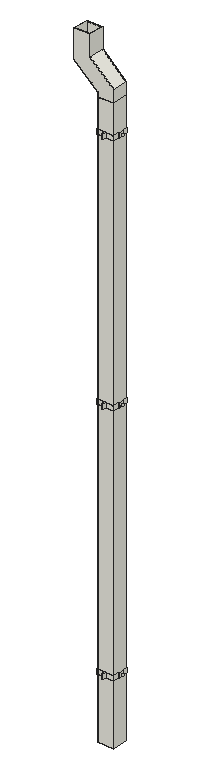
Revit family "NLRS_52_GM_HWA_vierkant_MR", category Generic Models, Revit 2017
Family settings
  Can host rebar = No
  Round Connector Dimension = Use Diameter
  Part Type = Normal
  Work Plane-Based = No
  Always vertical = Yes
  Cut with Voids When Loaded = No
  Shared = No
  Room Calculation Point = No
Parameters (values of type "HWA 80")
  set_vergaarbak_L [instance] = if(HWA_recht, 0 mm, NLRS_C_afstand)  # 150 mm
  a4 [instance] = tan(NLRS_C_hoek) * a3  # 135.061 mm
  a3 [instance] = NLRS_C_afstand  # 150 mm
  a2 = 50 mm  # constant formula
  URL = "https://www.meilofriks.nl/hemelwaterafvoeren/hwa-vierkant-80100/"
  Type Comments = "HWA"  # constant formula
  NLRS_C_hoogte_onder [instance] = 400 mm
  NLRS_C_hoogte_maximum [instance] = 4000 mm
  NLRS_C_hoogte_boven [instance] = 150 mm
  NLRS_C_hoogte_04 [instance] = NLRS_C_hoogte_03 / (NLRS_C_aantal - 1)  # 1532.47 mm
  NLRS_C_hoogte_03 [instance] = NLRS_C_hoogte_01 - 200 mm - NLRS_C_hoogte_onder  # 3064.939 mm
  NLRS_C_hoogte_01 [instance] = if(HWA_recht, NLRS_C_hoogte_maximum, NLRS_C_hoogte_maximum - a4 - a2 - NLRS_C_hoogte_boven)  # 3664.939 mm
  NLRS_C_hoek = 42.00°  # constant formula
  NLRS_C_diameter = 100 mm
  NLRS_C_afstand [instance] = 150 mm
  NLRS_C_aantal [instance] = if(NLRS_C_hoogte_03 > 1600 mm, NLRS_C_hoogte_01 / 1500 mm + 1, 2)  # 3
  NLRS_C_Materiaal = RAL 9010
  Model = ""
  Manufacturer = "Meilof Riks bv"  # constant formula
  Inmetselbeugel [instance] = no
  HWA_verzet [instance] = not(HWA_recht)  # yes
  set_vergaarbak [instance] = HWA_Vergaarbak_Vierkant  # no
  HWA_recht [instance] = no
  HWA_Vergaarbak_Vierkant [instance] = no
  Description = "Hemelwater afvoer"  # constant formula
Types (2, lengths in mm): name | set_vergaarbak_L | a4 | a3 | URL | NLRS_C_hoogte_maximum | NLRS_C_hoogte_boven | NLRS_C_hoogte_04 | NLRS_C_hoogte_03 | NLRS_C_hoogte_01 | NLRS_C_afstand | NLRS_C_aantal | NLRS_C_Materiaal | Model | Inmetselbeugel
  HWA 80 | 150 | 135.061 | 150 | "https://www.meilofriks.nl/hemelwaterafvoeren/hwa-vierkant-80100/" | 4000 | 150 | 1532.47 | 3064.939 | 3664.939 | 150 | 3 | RAL 9010 | "" | no
  HWA 100 | 80 | 72.032 | 80 | 0 | 2000 | 50 | 1227.968 | 1227.968 | 1827.968 | 80 | 2 | RAL 7016 | "HWA 100" | yes
Reference planes
  plane 1 "Center (Front/Back)": y = 0
  plane 2: z = 0
  plane 3 "Center (Left/Right)": x = 0
  plane 4: x = -150
  plane 5: z = 3850
  plane 6: z = 3714.939
  plane 7: z = 4000
  plane 8: z = 400
  plane 9: z = 3464.939
  plane 10: z = 3664.939
  plane 11: z = 4000
  plane 12: x = -150
Forms (mm)
  Sweep 1, solid, material "RAL 9010" <- "NLRS_C_Materiaal", visible <- "HWA_verzet"
    path origin (0, 0, 0) x (1, 0, 0) y (0, 0, 1)
      loop
        line (-150, 4000) -> (-150, 3850) -> (0, 3714.939) -> (0, 3664.939)
    profile "HWA_profile : HWA" origin (0, 0, 3689.939) x (1, 0, 0) y (0, -1, 0)
      loop
        line (-48, 48) -> (-48, -48) -> (48, -48) -> (48, 48) -> (-48, 48)
      loop
        line (-50, 50) -> (-50, -50) -> (50, -50) -> (50, 50) -> (-50, 50)
  Sweep 2, solid, material "RAL 9010" <- "NLRS_C_Materiaal"
    path origin (0, 0, 0) x (1, 0, 0) y (0, 0, 1)
      loop
        line (0, 0) -> (0, 3664.939)
    profile "HWA_profile : HWA" origin (0, 0, 1832.47) x (-1, 0, 0) y (0, -1, 0)
      loop
        line (-48, 48) -> (-48, -48) -> (48, -48) -> (48, 48) -> (-48, 48)
      loop
        line (-50, 50) -> (-50, -50) -> (50, -50) -> (50, 50) -> (-50, 50)
Dimensions and locks
  "a3": plane 3 "Center (Left/Right)" to plane 4
  "NLRS_C_hoogte_01": plane 10 to level
  "NLRS_C_hoogte_maximum": plane 7 to level
  "NLRS_C_hoogte_onder": plane 8 to level
  equal spacing: group 1, group 2, group 3  (x3)
  "NLRS_C_hoogte_03": plane 9 to plane 8
  "NLRS_C_hoogte_04": nested 3 to plane 8
  "a4": plane 5 to plane 6
  "a2": plane 6 to plane 10
  "NLRS_C_hoogte_boven": plane 11 to plane 5
  "set_vergaarbak_L": plane 3 "Center (Left/Right)" to plane 12
  aligned and locked: level to plane 2
  aligned and locked: plane 6 to Sweep 1 sketch curve
  aligned and locked: Sweep 1 sketch curve to plane 3 "Center (Left/Right)"
  aligned and locked: plane 1 "Center (Front/Back)" to nested 1
  aligned and locked: plane 8 to nested 2
  aligned and locked: plane 3 "Center (Left/Right)" to nested 2
  aligned and locked: nested 2 to plane 1 "Center (Front/Back)"
  aligned and locked: plane 5 to Sweep 1 sketch curve
  aligned and locked: plane 4 to Sweep 1 sketch curve
  aligned and locked: plane 2 to Sweep 2 sketch curve
  aligned and locked: plane 10 to Sweep 2 sketch curve
  aligned and locked: plane 3 "Center (Left/Right)" to Sweep 2 sketch curve
  aligned and locked: plane 11 to Sweep 1 sketch curve
  aligned and locked: plane 10 to Sweep 1 sketch curve
  aligned and locked: plane 12 to nested 1
  aligned and locked: nested 1 to plane 7
Nested families
  nested 1: "Vergaarbak_Vierkant" at (-70.5, 0, 4000) x (0, 1, 0) z (0, 0, 1), visible <- "set_vergaarbak", type "Vergaarbak"
  nested 2: "HWA_beugel" at (0, 0, 400) x (0, -1, 0) z (0, 0, 1), type "Beugel"
  nested 3: "HWA_beugel" at (0, 0, 1932.47) x (0, -1, 0) z (0, 0, 1), type "Beugel"
  nested 4: "HWA_beugel" at (0, 0, 3464.939) x (0, -1, 0) z (0, 0, 1), type "Beugel"
Definition of nested family "Vergaarbak_Vierkant"
  Parameters (values of type "Vergaarbak")
    a2 = HWA_Diameter - 9 mm  # 91 mm
    NLRS_C_Materiaal = none
    HWA_Diameter = 100 mm
    A1 = HWA_Diameter - 5 mm  # 95 mm
  Reference planes
    plane 1 "Center (Front/Back)": y = 0
    plane 2: z = 0
    plane 3 "Center (Left/Right)": x = 0
    plane 4: y = 79.5
  Forms (mm)
    Extrusion 1, solid, material <- "NLRS_C_Materiaal"
      sketch origin (0, 0, 0) x (1, 0, 0) y (0, 1, 0)
        loop
          circle (0, 79.5) r 47.5
        loop
          circle (0, 79.5) r 45.5
      from -80 to 0
    SweptBlend 2, solid, material <- "NLRS_C_Materiaal"
      path origin (0, 0, 0) x (0, 1, 0) y (0, 0, 1)
        loop
          line (79.5, 0) -> (79.5, 195)
      profile origin (0, 79.5, 0) x (0, -1, 0) y (1, 0, 0)
        loop
          line (79.5, -70.5) -> (79.5, 70.5) -> (-60.5, 70.5) -> (-60.5, -70.5) -> (79.5, -70.5)
      end profile origin (0, 79.5, 195) x (0, -1, 0) y (1, 0, 0)
        loop
          line (79.5, -108) -> (79.5, 108) -> (-98.5, 108) -> (-98.5, -108) -> (79.5, -108)
    SweptBlend 3, void
      path origin (0, 0, 0) x (0, 1, 0) y (0, 0, 1)
        loop
          line (79.5, 2) -> (79.5, 195)
      profile origin (0, 79.5, 2) x (0, -1, 0) y (1, 0, 0)
        loop
          line (-58.5, -69) -> (77.5, -69) -> (77.5, 69) -> (-58.5, 69) -> (-58.5, -69)
      end profile origin (0, 79.5, 195) x (0, -1, 0) y (1, 0, 0)
        loop
          line (77.5, -106) -> (77.5, 106) -> (-96.5, 106) -> (-96.5, -106) -> (77.5, -106)
    Extrusion 4, void
      sketch origin (0, 0, 0) x (1, 0, 0) y (0, 1, 0)
        loop
          circle (0, 79.5) r 45.5
      from 0 to 250
    Extrusion 5, void
      sketch origin (0, 0, 0) x (1, 0, 0) y (0, 0, 1)
        loop
          line (45, 195) -> (-45, 195) -> (-45, 125) -> (45, 125) -> (45, 195)
      from -32 to 81.471
  Cuts and joins
    SweptBlend 3, Extrusion 4, Extrusion 5 cuts SweptBlend 2
  Dimensions and locks
    plane 1 "Center (Front/Back)" to plane 4 = 79.5 mm
    SweptBlend 2 sketch curve to plane 3 "Center (Left/Right)" = 70.5 mm
    plane 3 "Center (Left/Right)" to SweptBlend 2 sketch curve = 70.5 mm
    plane 1 "Center (Front/Back)" to Extrusion 1 = 32 mm
    SweptBlend 2 sketch curve to SweptBlend 2 sketch curve = 140 mm
    plane 1 "Center (Front/Back)" to SweptBlend 2 sketch curve = 178 mm
    SweptBlend 2 sketch curve to plane 3 "Center (Left/Right)" to SweptBlend 2 sketch curve = 108 mm, 108 mm
    SweptBlend 3 sketch curve to plane 2 = 2 mm
    plane 1 "Center (Front/Back)" to SweptBlend 3 sketch curve = 2 mm  (x2)
    SweptBlend 3 sketch curve to SweptBlend 3 sketch curve = 136 mm
    SweptBlend 3 sketch curve to plane 3 "Center (Left/Right)" to SweptBlend 3 sketch curve = 69 mm, 69 mm
    SweptBlend 3 sketch curve to SweptBlend 3 sketch curve = 174 mm
    SweptBlend 3 sketch curve to plane 3 "Center (Left/Right)" to SweptBlend 3 sketch curve = 106 mm, 106 mm
    "A1": diameter of Extrusion 1 sketch curve
    "a2": diameter of Extrusion 1 sketch curve
    "a2": diameter of Extrusion 4 sketch curve
    aligned and locked: level to plane 2
    aligned and locked: SweptBlend 2 sketch curve to plane 1 "Center (Front/Back)"  (x2)
    aligned and locked: SweptBlend 3 sketch curve to plane 4
    aligned and locked: cut or joined group of SweptBlend 2, SweptBlend 3, Extrusion 4, Extrusion 5 to SweptBlend 3 sketch curve
  Automatic sketch dimensions
    SweptBlend 2 sketch curve to plane 4 = 0 mm
    SweptBlend 2 sketch curve to level = 0 mm
    level to SweptBlend 2 sketch curve = 195 mm
    Extrusion 5 sketch curve to plane 3 "Center (Left/Right)" = 45 mm
    plane 3 "Center (Left/Right)" to Extrusion 5 sketch curve = 45 mm
    Extrusion 5 sketch curve to Extrusion 5 sketch curve = 70 mm
    level to Extrusion 5 sketch curve = 125 mm
    Extrusion 1 sketch curve to Extrusion 1 sketch curve = 0 mm  (x2)
    Extrusion 1 sketch curve to plane 3 "Center (Left/Right)" = 0 mm
    plane 4 to Extrusion 1 sketch curve = 0 mm
    Extrusion 4 sketch curve to plane 3 "Center (Left/Right)" = 0 mm
    plane 4 to Extrusion 4 sketch curve = 0 mm
Definition of nested family "HWA_beugel"
  Parameters (values of type "Beugel")
    a1 = NLRS_C_diameter / 2  # 50 mm
    a = 23.878 mm
    Rand_inmetsel = 11 mm
    NLRS_C_materiaal2 = none
    NLRS_C_materiaal = none
    NLRS_C_diameter_03 = NLRS_C_diameter + 2 mm  # 102 mm
    NLRS_C_diameter = 100 mm
    Inmetselbeugel = no
    HWA_beugel = not(Inmetselbeugel)  # yes
    B1 = NLRS_C_diameter * 0.35  # 35 mm
  Reference planes
    plane 1 "Center (Front/Back)": y = 0
    plane 2: z = 0
    plane 3 "Center (Left/Right)": x = 0
    plane 4: y = 50
    plane 5: x = -76
    plane 6: x = 76
    plane 7: x = -51
    plane 8: x = 51
    plane 9: y = -2
    plane 10: y = 2
    plane 11: y = -50
    plane 12: y = 70
    plane 13: x = -11.939
    plane 14: x = 11.939
    plane 15: x = -20.439
    plane 16: x = 20.439
    plane 17: x = -111
    plane 18: x = 111
    plane 19: x = -55
    plane 20: x = 55
    plane 21: y = -15
  Forms (mm)
    Sweep 1, solid, material <- "NLRS_C_materiaal", visible <- "HWA_beugel"
      path origin (0, 0, 0) x (1, 0, 0) y (0, 1, 0)
        loop
          line (-76, 2) -> (-51, 2) -> (-51, 50) -> (-20.439, 50) -> (-11.939, 58.5) -> (11.939, 58.5) -> (20.439, 50) -> (51, 50) -> (51, 2) -> (76, 2)
      profile origin (-63.5, 2, 0) x (0, 1, 0) y (0, 0, 1)
        loop
          line (2, 14) -> (0, 14) -> (0, -14) -> (2, -14) -> (2, 14)
    Extrusion 2, void
      sketch origin (0, 0, 0) x (1, 0, 0) y (0, 0, 1)
        loop
          line (-51, -14) -> (-70, -14)
          arc (-70, -14) -> (-74.243, -12.243) -> (-76, -8) r 6
          line (-76, -8) -> (-76, 8)
          arc (-76, 8) -> (-74.243, 12.243) -> (-70, 14) r 6
          line (-70, 14) -> (-51, 14) -> (-51, 24) -> (-86, 24) -> (-86, -24) -> (-51, -24) -> (-51, -14)
      from -50 to 50
    Sweep 3, solid, material <- "NLRS_C_materiaal", visible <- "HWA_beugel"
      path origin (0, -4, 0) x (1, 0, 0) y (0, -1, 0)
        loop
          line (-76, -2) -> (-51, -2) -> (-51, 46) -> (51, 46) -> (51, -2) -> (76, -2)
      profile origin (-63.5, -2, 0) x (0, 1, 0) y (0, 0, 1)
        loop
          line (-2, 14) -> (-2, -14) -> (0, -14) -> (0, 14) -> (-2, 14)
    Sweep 4, solid, material <- "NLRS_C_materiaal", visible <- "HWA_beugel"
      path origin (0, 0, 0) x (1, 0, 0) y (0, 1, 0)
        loop
          line (0, 60.5) -> (0, 70)
      profile origin (0, 65.25, 0) x (-1, 0, 0) y (0, 0, 1)
        loop
          circle (0, 0) r 5.5
    Extrusion 5, void
      sketch origin (0, 0, 0) x (1, 0, 0) y (0, 0, 1)
        loop
          line (66, 24) -> (66, 14) -> (70, 14)
          arc (70, 14) -> (74.243, 12.243) -> (76, 8) r 6
          line (76, 8) -> (76, -8)
          arc (76, -8) -> (74.243, -12.243) -> (70, -14) r 6
          line (70, -14) -> (66, -14) -> (66, -24) -> (86, -24) -> (86, 24) -> (66, 24)
      from -78.723 to 52
    Extrusion 6, solid, material <- "NLRS_C_materiaal2", visible <- "Inmetselbeugel"
      sketch origin (0, 0, 0) x (1, 0, 0) y (0, 1, 0)
        loop
          line (-111, 50) -> (-111, -15) -> (-55, -15) -> (-55, 50) -> (-111, 50)
        loop
          line (111, 50) -> (55, 50) -> (55, -15) -> (111, -15) -> (111, 50)
        loop
          line (-100, 39) -> (-100, -4) -> (-66, -4) -> (-66, 39) -> (-100, 39)
        loop
          line (100, 39) -> (66, 39) -> (66, -4) -> (100, -4) -> (100, 39)
      from 0 to 1.5
    Extrusion 7, solid, material <- "NLRS_C_materiaal2", visible <- "Inmetselbeugel"
      sketch origin (0, 0, 0) x (1, 0, 0) y (0, 1, 0)
        loop
          line (-55, -15) -> (-55, 50) -> (55, 50) -> (55, -15) -> (57, -15) -> (57, 50)
          arc (57, 50) -> (56.414, 51.414) -> (55, 52) r 2
          line (55, 52) -> (-55, 52)
          arc (-55, 52) -> (-56.414, 51.414) -> (-57, 50) r 2
          line (-57, 50) -> (-57, -15) -> (-55, -15)
      from 0 to -80
  Cuts and joins
    Extrusion 2, Extrusion 5 cuts Sweep 1
    Extrusion 2, Extrusion 5 cuts Sweep 3
  Dimensions and locks
    equal spacing: plane 5, plane 3 "Center (Left/Right)", plane 6
    locked: plane 5 to plane 7 at 25
    locked: plane 6 to plane 8 at 25
    "a1": plane 4 to plane 1 "Center (Front/Back)"
    "NLRS_C_diameter_03": plane 7 to plane 8
    equal spacing: Sweep 1 sketch curve, level, Sweep 1 sketch curve
    Sweep 1 sketch curve to Sweep 1 sketch curve = 2 mm
    plane 9 to plane 1 "Center (Front/Back)" = 2 mm
    Sweep 3 sketch curve to Sweep 3 sketch curve = 2 mm
    plane 10 to plane 1 "Center (Front/Back)" = 2 mm
    "a1": plane 11 to plane 1 "Center (Front/Back)"
    plane 12 to plane 4 = 20 mm
    equal spacing: Sweep 1 sketch curve, profile plane, Sweep 1 sketch curve
    Sweep 1 sketch curve to Sweep 1 sketch curve = 28 mm
    equal spacing: plane 13, plane 3 "Center (Left/Right)", plane 14
    "a": plane 13 to plane 14
    plane 4 to Sweep 1 sketch curve = 8.5 mm
    plane 15 to plane 13 = 8.5 mm
    plane 14 to plane 16 = 8.5 mm
    plane 9 to plane 11 = 48 mm
    Sweep 3 sketch curve to profile plane to Sweep 3 sketch curve = 14 mm, 14 mm
    Extrusion 2 sketch curve to plane 2 to Extrusion 2 sketch curve = 14 mm, 14 mm
    plane 5 to Extrusion 2 sketch curve = 10 mm
    Extrusion 5 sketch curve to Extrusion 5 sketch curve to plane 2 to Extrusion 5 sketch curve to Extrusion 5 sketch curve = 10 mm, 14 mm, 14 mm, 10 mm
    Extrusion 5 sketch curve to plane 6 to Extrusion 5 sketch curve = 10 mm, 10 mm
    locked: plane 8 to plane 18 at 60
    locked: plane 17 to plane 7 at 60
    locked: plane 8 to plane 20 at 4
    plane 19 to plane 7 = 4 mm
    Extrusion 7 sketch curve to plane 19 = 2 mm
    Extrusion 7 sketch curve to plane 4 = 2 mm
    "B1": plane 21 to plane 11
    Extrusion 6 to Extrusion 7 sketch curve = 2 mm
    "Rand_inmetsel": Extrusion 6 sketch curve to Extrusion 6 sketch curve  (x8)
    aligned and locked: level to plane 2
    aligned and locked: plane 8 to Sweep 1 sketch curve
    aligned and locked: plane 5 to Sweep 1 sketch curve
    aligned and locked: plane 7 to Sweep 1 sketch curve
    aligned and locked: plane 6 to Sweep 1 sketch curve
    aligned and locked: Sweep 3 sketch curve to plane 9  (x2)
    aligned and locked: plane 5 to Sweep 3 sketch curve
    aligned and locked: plane 6 to Sweep 3 sketch curve
    aligned and locked: plane 4 to Extrusion 2
    aligned and locked: Extrusion 2 to plane 11
    aligned and locked: plane 12 to Sweep 4 sketch curve
    aligned and locked: plane 3 "Center (Left/Right)" to Sweep 4 sketch curve
    aligned and locked: Sweep 1 sketch curve to plane 8
    aligned and locked: Sweep 3 sketch curve to plane 11
    aligned and locked: Sweep 3 sketch curve to plane 8
    aligned and locked: plane 13 to Sweep 1 sketch curve
    aligned and locked: plane 14 to Sweep 1 sketch curve
    aligned and locked: Sweep 1 sketch curve to plane 4  (x2)
    aligned and locked: plane 15 to Sweep 1 sketch curve
    aligned and locked: plane 16 to Sweep 1 sketch curve
    aligned and locked: Sweep 1 sketch curve to plane 10  (x2)
    aligned and locked: cut or joined group of Sweep 1, Extrusion 2, Extrusion 5 to Sweep 4 sketch curve
    aligned and locked: Extrusion 2 sketch curve to plane 7  (x2)
    aligned and locked: Extrusion 5 sketch curve to plane 6
    aligned and locked: Extrusion 5 sketch curve to Extrusion 5 sketch curve
    aligned and locked: Extrusion 6 sketch curve to plane 18
    aligned and locked: plane 17 to Extrusion 6 sketch curve
    aligned and locked: Extrusion 6 sketch curve to plane 4
    aligned and locked: Extrusion 7 sketch curve to plane 4
    aligned and locked: plane 19 to Extrusion 7 sketch curve
    aligned and locked: plane 21 to Extrusion 6 sketch curve
    aligned and locked: Extrusion 7 sketch curve to plane 21
    aligned and locked: Extrusion 7 sketch curve to Extrusion 7 sketch curve
    aligned and locked: Extrusion 6 sketch curve to plane 19
    aligned and locked: Extrusion 6 sketch curve to plane 20
  Automatic sketch dimensions
    Sweep 1 sketch curve to profile plane = 0 mm
    Extrusion 2 sketch curve to plane 5 = 0 mm
    plane 5 to Extrusion 2 sketch curve = 6 mm  (x2)
    Sweep 3 sketch curve to plane 7 = 0 mm
    Sweep 3 sketch curve to profile plane = 0 mm
    Sweep 4 sketch curve to level = 0 mm
    Sweep 4 sketch curve to profile plane = 0 mm
    Extrusion 2 sketch curve to Extrusion 2 sketch curve = 16 mm  (x2)
    Extrusion 5 sketch curve to Extrusion 5 sketch curve = 4 mm  (x2)
    Extrusion 7 sketch curve to plane 4 = 0 mm
    Extrusion 7 sketch curve to plane 19 = 0 mm
    Extrusion 7 sketch curve to plane 20 = 0 mm  (x2)
    Extrusion 6 sketch curve to plane 21 = 0 mm
    Extrusion 6 sketch curve to plane 4 = 0 mm
    radius of Sweep 4 sketch curve = 5.5 mm
